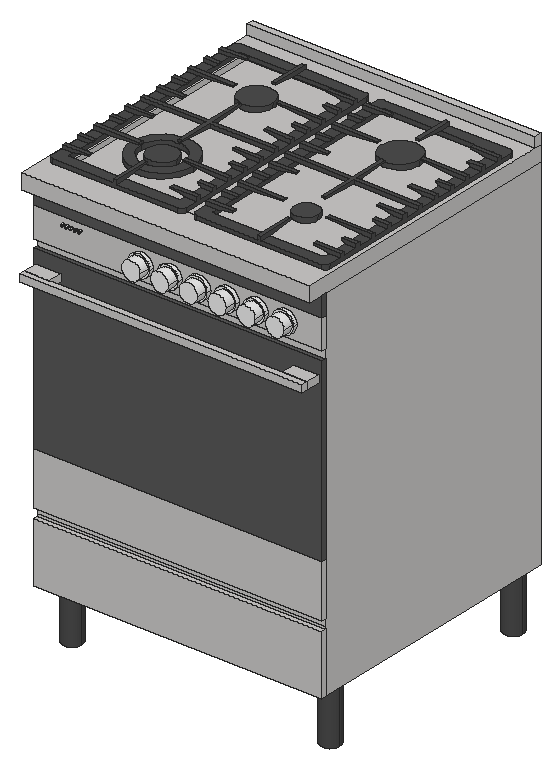
Revit family "RC-Freestanding Oven 4 burner V2012", category Specialty Equipment, Revit 2012
Parameters
  Width = 600 mm
  Trivet Width = (Width / 2) - 20 mm  # 280 mm
  Trivet Depth = Depth - 110 mm  # 490 mm
  Plynth Height = 120 mm
  Height = 904 mm
  Finish = Stainless Steel - Brushed
  Depth = 600 mm
Reference planes
  plane 1 "Center (Front/Back)": y = 0
  plane 2: z = 0
  plane 3 "Center (Left/Right)": x = 0
  plane 4: x = 300
  plane 5: x = -300
  plane 6: y = 300
  plane 7: y = -300
  plane 8: x = -150
  plane 9: x = 150
  plane 10: x = 225
  plane 11: z = 120
  plane 12: z = 904
  plane 13: z = 799
  plane 14: z = 894
  plane 15: z = 830
  plane 16: z = 768
  plane 17: z = 872
  plane 18: y = -270
  plane 19: y = -260
  plane 20: z = 816
Forms (mm)
  Extrusion 1, solid, material "Metal - Coated Black"
    sketch origin (177.875, 476.024, 0) x (1, 0, 0) y (0, 1, 0)
      loop
        circle (-446.93, -207.618) r 20
      loop
        circle (91.181, -207.618) r 20
      loop
        circle (91.181, -684.43) r 20
      loop
        circle (-446.93, -684.43) r 20
    from 0 to 120
  Extrusion 2, solid, material "Stainless Steel - Brushed" <- "Finish"
    sketch origin (202.514, 476.024, 303.741) x (1, 0, 0) y (0, 1, 0)
      loop
        line (-502.514, -176.024) -> (-502.514, -776.024) -> (97.486, -776.024) -> (97.486, -176.024) -> (-502.514, -176.024)
    from 568.259 to 600.259
  Extrusion 3, solid, material "Stainless Steel - Brushed" <- "Finish"
    sketch origin (38.216, 476.024, 196.596) x (1, 0, 0) y (0, 1, 0)
      loop
        line (-338.216, -736.024) -> (-338.216, -746.024) -> (261.784, -746.024) -> (261.784, -736.024) -> (-338.216, -736.024)
    from -76.596 to 48.404
  Extrusion 4, solid, material "Stainless Steel - Brushed" <- "Finish"
    sketch origin (-151.875, 476.024, 447.106) x (1, 0, 0) y (0, 1, 0)
      loop
        line (-148.125, -736.024) -> (-148.125, -746.024) -> (451.875, -746.024) -> (451.875, -736.024) -> (-148.125, -736.024)
    from -182.106 to -72.106
  Extrusion 5, solid, material "Glass - Tinted Black"
    sketch origin (-105.253, 476.024, 728.623) x (1, 0, 0) y (0, 1, 0)
      loop
        line (-194.747, -736.024) -> (-194.747, -746.024) -> (405.253, -746.024) -> (405.253, -736.024) -> (-194.747, -736.024)
    from -353.623 to 21.377
  Extrusion 6, solid, material "Stainless Steel - Brushed" <- "Finish"
    sketch origin (-37.752, 476.024, 918.619) x (1, 0, 0) y (0, 1, 0)
      loop
        line (-262.248, -736.024) -> (-262.248, -746.024) -> (337.752, -746.024) -> (337.752, -736.024) -> (-262.248, -736.024)
    from -150.619 to -88.619
  Extrusion 7, solid, material "Stainless Steel - Brushed" <- "Finish"
    sketch origin (0, 476.024, 0) x (0, 1, 0) y (0, 0, 1)
      loop
        line (-736.024, 120) -> (-176.024, 120) -> (-176.024, 872) -> (-736.024, 872) -> (-736.024, 250) -> (-736.024, 120)
    from -300 to 300
  Extrusion 8, solid, material "Stainless Steel - Brushed" <- "Finish"
    sketch origin (0, 476.024, 0) x (0, 1, 0) y (0, 0, 1)
      loop
        line (-176.024, 925) -> (-191.024, 925) -> (-191.024, 904) -> (-176.024, 904) -> (-176.024, 925)
    from -300 to 300
  Extrusion 9, solid, material "Plastic - White"
    sketch origin (840.655, 0, -15.687) x (1, 0, 0) y (0, 0, 1)
      loop
        circle (-615.655, 814.687) r 23
      loop
        circle (-675.655, 814.687) r 23
      loop
        circle (-735.655, 814.687) r 23
      loop
        circle (-795.655, 814.687) r 23
      loop
        circle (-855.655, 814.687) r 23
      loop
        circle (-915.655, 814.687) r 23
    from 270 to 278
  Extrusion 10, solid, material "Plastic - White"
    sketch origin (840.655, 0, -15.687) x (1, 0, 0) y (0, 0, 1)
      loop
        circle (-615.655, 814.687) r 19
      loop
        circle (-675.655, 814.687) r 19
      loop
        circle (-735.655, 814.687) r 19
      loop
        circle (-795.655, 814.687) r 19
      loop
        circle (-855.655, 814.687) r 19
      loop
        circle (-915.655, 814.687) r 19
    from 278 to 298
  Extrusion 11, solid, material "Plastic - White"
    sketch origin (177.875, 0, 0) x (1, 0, 0) y (0, 0, 1)
      loop
        circle (-415.875, 816) r 2
      loop
        circle (-406.875, 816) r 2
      loop
        circle (-397.875, 816) r 2
      loop
        circle (-388.875, 816) r 2
      loop
        circle (-379.875, 816) r 2
    from 270 to 275
  Extrusion 12, void
    sketch origin (177.875, 476.024, 0) x (1, 0, 0) y (0, 1, 0)
      loop
        line (-439.375, -711.024) -> (83.625, -711.024) -> (83.625, -241.024) -> (-439.375, -241.024) -> (-439.375, -711.024)
    from 894 to 904
  Extrusion 13, solid, material "Cast Iron"
    sketch origin (177.875, 476.024, 0) x (1, 0, 0) y (0, 1, 0)
      loop
        circle (-27.875, -353.524) r 40
      loop
        circle (-27.875, -598.524) r 25
      loop
        circle (-327.875, -353.524) r 35
      loop
        circle (-327.875, -598.524) r 30
      loop
        circle (-327.875, -598.524) r 45
      loop
        circle (-327.875, -598.524) r 65
    from 894 to 913.959
  Extrusion 14, solid, material "Stainless Steel - Brushed" <- "Finish"
    sketch origin (177.875, 0, 0) x (1, 0, 0) y (0, 0, 1)
      loop
        line (-471.875, 722.315) -> (-471.875, 707.315) -> (116.125, 707.315) -> (116.125, 722.315) -> (-471.875, 722.315)
    from 300 to 313
  Extrusion 15, solid, material "Stainless Steel - Brushed" <- "Finish"
    sketch origin (177.875, 0, 0) x (1, 0, 0) y (0, 0, 1)
      loop
        line (-471.875, 722.315) -> (-471.875, 707.315) -> (-421.875, 707.315) -> (-421.875, 722.315) -> (-471.875, 722.315)
      loop
        line (116.125, 722.315) -> (66.125, 722.315) -> (66.125, 707.315) -> (116.125, 707.315) -> (116.125, 722.315)
    from 270 to 300
  Extrusion 16, solid, material "Glass - Tinted Black"
    sketch origin (-37.752, 476.024, 998.619) x (1, 0, 0) y (0, 1, 0)
      loop
        line (-262.248, -736.024) -> (-262.248, -746.024) -> (337.752, -746.024) -> (337.752, -736.024) -> (-262.248, -736.024)
    from -168.619 to -126.619
Cuts and joins
  Extrusion 12 cuts Extrusion 2
  Extrusion 12 cuts Extrusion 13
Dimensions and locks
  "Width": plane 5 to plane 4
  equal spacing: plane 6, plane 1 "Center (Front/Back)", plane 7
  "Depth": plane 7 to plane 6
  equal spacing: plane 5, plane 8, plane 3 "Center (Left/Right)", plane 9, plane 4
  locked: plane 4 to plane 10 at 75
  Extrusion 11 sketch curve to Extrusion 11 sketch curve to Extrusion 11 sketch curve to Extrusion 11 sketch curve to Extrusion 11 sketch curve to plane 5 = 9 mm locked, 9 mm locked, 9 mm locked, 9 mm locked, 62 mm locked
  "Plynth Height": plane 11 to plane 2
  "Height": plane 12 to plane 2
  locked: plane 12 to plane 14 at 10
  Extrusion 5 to Extrusion 4 to Extrusion 3 to plane 11 = 110 mm locked, 20 mm locked, 125 mm locked
  locked: cut or joined group of Extrusion 12, Extrusion 13 to plane 14 at 19.959
  plane 12 to plane 17 to plane 15 = 32 mm locked, 42 mm locked
  plane 15 to plane 13 to plane 16 = 31 mm locked, 31 mm locked
  plane 16 to Extrusion 5 to Extrusion 14 to Extrusion 14 = 18 mm locked, 27.685 mm locked, 15 mm locked
  plane 19 to plane 18 to plane 7 = 10 mm locked, 30 mm locked
  Extrusion 9 sketch curve to Extrusion 9 sketch curve to Extrusion 9 sketch curve to Extrusion 9 sketch curve to Extrusion 9 sketch curve to Extrusion 9 sketch curve = 60 mm locked, 60 mm locked, 60 mm locked, 60 mm locked, 60 mm locked
  Extrusion 10 sketch curve to Extrusion 10 sketch curve to Extrusion 10 sketch curve to Extrusion 10 sketch curve to Extrusion 10 sketch curve to Extrusion 10 sketch curve = 60 mm locked, 60 mm locked, 60 mm locked, 60 mm locked, 60 mm locked
  locked: plane 15 to plane 20 at 14
  plane 18 to Extrusion 9 to Extrusion 10 = 8 mm locked, 20 mm locked
  locked: plane 18 to Extrusion 11 at 5
  locked: plane 7 to Extrusion 14 at 13
  aligned and locked: Extrusion 2 to Extrusion 8
  aligned and locked: Extrusion 14 to Extrusion 15  (x3)
  aligned and locked: Extrusion 15 to Extrusion 5
  aligned and locked: Extrusion 7 to plane 5
  aligned and locked: Extrusion 8 to plane 5
  aligned and locked: plane 4 to Extrusion 7
  aligned and locked: plane 4 to Extrusion 8
  aligned and locked: plane 8 to Extrusion 13 sketch curve  (x4)
  aligned and locked: plane 9 to Extrusion 13 sketch curve  (x2)
  aligned and locked: nested 1 to plane 1 "Center (Front/Back)"
  aligned and locked: nested 2 to plane 1 "Center (Front/Back)"
  aligned and locked: plane 10 to Extrusion 10 sketch curve
  aligned and locked: plane 10 to Extrusion 9 sketch curve
  aligned and locked: cut or joined group of Extrusion 2, Extrusion 12 to plane 12  (x2)
  aligned and locked: plane 13 to Extrusion 10 sketch curve  (x6)
  aligned and locked: plane 13 to Extrusion 9 sketch curve  (x6)
  aligned and locked: Extrusion 15 to Extrusion 14  (x2)
  aligned and locked: Extrusion 7 to cut or joined group of Extrusion 2, Extrusion 12
  aligned and locked: plane 14 to cut or joined group of Extrusion 2, Extrusion 12
  aligned and locked: plane 14 to cut or joined group of Extrusion 12, Extrusion 13
  aligned and locked: plane 16 to Extrusion 6
  aligned and locked: plane 17 to cut or joined group of Extrusion 2, Extrusion 12
  aligned and locked: plane 19 to Extrusion 7
  aligned and locked: Extrusion 16 to plane 19
  aligned and locked: Extrusion 6 to plane 19
  aligned and locked: Extrusion 5 to plane 19
  aligned and locked: Extrusion 4 to plane 19
  aligned and locked: Extrusion 3 to plane 19
  aligned and locked: plane 18 to Extrusion 16
  aligned and locked: plane 18 to Extrusion 6
  aligned and locked: plane 18 to Extrusion 5
  aligned and locked: plane 18 to Extrusion 4
  aligned and locked: plane 18 to Extrusion 3
  aligned and locked: Extrusion 7 to plane 17
  aligned and locked: Extrusion 16 to plane 17
  aligned and locked: plane 15 to Extrusion 16
  aligned and locked: Extrusion 6 to plane 15
  aligned and locked: Extrusion 6 to plane 16
  aligned and locked: Extrusion 11 sketch curve to plane 20  (x5)
  aligned and locked: plane 12 to nested 1
  aligned and locked: plane 12 to nested 2
  aligned and locked: Extrusion 4 to Extrusion 5
  aligned and locked: plane 11 to Extrusion 7
  aligned and locked: Extrusion 1 to plane 11
  aligned and locked: plane 11 to Extrusion 3
  aligned and locked: plane 7 to Extrusion 15
  aligned and locked: Extrusion 9 to plane 18
  aligned and locked: Extrusion 10 to Extrusion 9
  aligned and locked: Extrusion 11 to plane 18
  aligned and locked: nested 1 to Extrusion 13 sketch curve  (x3)
  aligned and locked: nested 1 to plane 8
  aligned and locked: nested 2 to plane 9
Automatic sketch dimensions
  plane 5 to Extrusion 1 sketch curve = 30.944 mm  (x2)
  Extrusion 1 sketch curve to plane 4 = 30.944 mm  (x2)
  Extrusion 1 sketch curve to plane 7 = 91.594 mm  (x2)
  Extrusion 1 sketch curve to plane 6 = 31.594 mm  (x2)
  Extrusion 2 sketch curve to plane 5 = 0 mm
  Extrusion 2 sketch curve to plane 4 = 0 mm
  plane 7 to Extrusion 2 sketch curve = 0 mm
  Extrusion 2 sketch curve to plane 6 = 0 mm
  Extrusion 3 sketch curve to plane 5 = 0 mm
  Extrusion 3 sketch curve to plane 4 = 0 mm
  Extrusion 3 sketch curve to plane 7 = 30 mm
  Extrusion 3 sketch curve to Extrusion 3 sketch curve = 10 mm
  Extrusion 4 sketch curve to plane 5 = 0 mm
  Extrusion 4 sketch curve to plane 4 = 0 mm
  Extrusion 4 sketch curve to plane 7 = 30 mm
  Extrusion 4 sketch curve to Extrusion 4 sketch curve = 10 mm
  Extrusion 5 sketch curve to plane 5 = 0 mm
  Extrusion 5 sketch curve to plane 4 = 0 mm
  Extrusion 5 sketch curve to plane 7 = 30 mm
  Extrusion 5 sketch curve to Extrusion 5 sketch curve = 10 mm
  Extrusion 6 sketch curve to plane 5 = 0 mm
  Extrusion 6 sketch curve to plane 4 = 0 mm
  Extrusion 6 sketch curve to plane 7 = 30 mm
  Extrusion 6 sketch curve to Extrusion 6 sketch curve = 10 mm
  Extrusion 7 sketch curve to plane 6 = 0 mm
  Extrusion 7 sketch curve to plane 7 = 40 mm  (x2)
  level to Extrusion 7 sketch curve = 120 mm
  Extrusion 7 sketch curve to Extrusion 7 sketch curve = 130 mm
  Extrusion 7 sketch curve to Extrusion 7 sketch curve = 0 mm
  Extrusion 7 sketch curve to Extrusion 7 sketch curve = 752 mm
  Extrusion 8 sketch curve to plane 6 = 0 mm
  Extrusion 8 sketch curve to plane 6 = 15 mm
  level to Extrusion 8 sketch curve = 904 mm
  Extrusion 8 sketch curve to Extrusion 8 sketch curve = 21 mm
  plane 5 to Extrusion 12 sketch curve = 38.5 mm
  plane 10 to Extrusion 12 sketch curve = 36.5 mm
  Extrusion 12 sketch curve to plane 7 = 65 mm
  Extrusion 12 sketch curve to plane 6 = 65 mm
  plane 5 to Extrusion 14 sketch curve = 6 mm
  Extrusion 14 sketch curve to plane 4 = 6 mm
  level to Extrusion 14 sketch curve = 707.315 mm
  Extrusion 14 sketch curve to Extrusion 14 sketch curve = 15 mm
  plane 5 to Extrusion 15 sketch curve = 6 mm
  Extrusion 15 sketch curve to Extrusion 15 sketch curve = 50 mm
  plane 10 to Extrusion 15 sketch curve = 19 mm
  Extrusion 15 sketch curve to plane 4 = 6 mm
  level to Extrusion 15 sketch curve = 707.315 mm  (x2)
  Extrusion 15 sketch curve to Extrusion 15 sketch curve = 15 mm  (x2)
  Extrusion 16 sketch curve to plane 5 = 0 mm
  Extrusion 16 sketch curve to plane 4 = 0 mm
  Extrusion 16 sketch curve to plane 7 = 30 mm
  Extrusion 16 sketch curve to Extrusion 16 sketch curve = 10 mm
  plane 1 "Center (Front/Back)" to Extrusion 13 sketch curve = 122.5 mm
  Extrusion 13 sketch curve to plane 1 "Center (Front/Back)" = 122.5 mm  (x2)
  radius of Extrusion 1 sketch curve = 20 mm  (x4)
  radius of Extrusion 11 sketch curve = 2 mm  (x5)
  radius of Extrusion 9 sketch curve = 23 mm  (x6)
  radius of Extrusion 10 sketch curve = 19 mm  (x6)
  radius of Extrusion 13 sketch curve = 40 mm
  radius of Extrusion 13 sketch curve = 25 mm
  radius of Extrusion 13 sketch curve = 35 mm
  radius of Extrusion 13 sketch curve = 30 mm
  radius of Extrusion 13 sketch curve = 45 mm
  radius of Extrusion 13 sketch curve = 65 mm
Nested families
  nested 1: "Trivet-double" at (-150, 0, 904) x (0, 1, 0) z (0, 0, 1), type "Trivet"
  nested 2: "Trivet-double" at (150, 0, 904) x (0, 1, 0) z (0, 0, 1), type "Trivet"
Definition of nested family "Trivet-double"
  Parameters (values of type "Trivet")
    Width = 280 mm
    Trivet = Cast Iron
    Length = 490 mm
    Assembly Code = ""
  Reference planes
    plane 1: z = 0
    plane 2 "Center (Left/Right)": x = 0
    plane 3: y = 0
    plane 4: x = -245
    plane 5: x = 245
    plane 6: y = -140
    plane 7: y = 140
    plane 8: x = -204.167
    plane 9: x = -163.333
    plane 10: x = -122.5
    plane 11: x = -81.667
    plane 12: x = -40.833
    plane 13: x = 40.833
    plane 14: x = 81.667
    plane 15: x = 122.5
    plane 16: x = 163.333
    plane 17: x = 204.167
    plane 18: z = 8
    plane 19: z = 16
  Forms (mm)
    Extrusion 1, solid, material "Cast Iron" <- "Trivet"
      sketch origin (0, 0, 0) x (1, 0, 0) y (0, 1, 0)
        loop
          arc (-235, 140) -> (-242.071, 137.071) -> (-245, 130) r 10
          line (-245, 130) -> (-245, -130)
          arc (-245, -130) -> (-242.071, -137.071) -> (-235, -140) r 10
          line (-235, -140) -> (235, -140)
          arc (235, -140) -> (242.071, -137.071) -> (245, -130) r 10
          line (245, -130) -> (245, 130)
          arc (245, 130) -> (242.071, 137.071) -> (235, 140) r 10
          line (235, 140) -> (-235, 140)
        loop
          line (-217, -117) -> (217, -117)
          arc (217, -117) -> (220.536, -115.536) -> (222, -112) r 5
          line (222, -112) -> (222, 112)
          arc (222, 112) -> (220.536, 115.536) -> (217, 117) r 5
          line (217, 117) -> (-217, 117)
          arc (-217, 117) -> (-220.536, 115.536) -> (-222, 112) r 5
          line (-222, 112) -> (-222, -112)
          arc (-222, -112) -> (-220.536, -115.536) -> (-217, -117) r 5
      from 0 to 8
    Extrusion 2, solid, material "Cast Iron" <- "Trivet"
      sketch origin (0, 0, 0) x (0, 1, 0) y (0, 0, 1)
        loop
          line (140, 8) -> (140, 16) -> (-140, 16) -> (-140, 8) -> (-117, 8)
          arc (-117, 8) -> (0, 8.512) -> (117, 8) r 13362.741
          line (117, 8) -> (140, 8)
      from -4 to 4
    Extrusion 3, solid, material "Cast Iron" <- "Trivet"
      sketch origin (-204.167, 0, 0) x (0, 1, 0) y (0, 0, 1)
        loop
          line (140, 8) -> (140, 16) -> (85, 16)
          arc (85, 16) -> (84.8, 14.75) -> (85, 13.5) r 4.007
          arc (85, 13.5) -> (101.186, 11.831) -> (117, 8) r 120.722
          line (117, 8) -> (140, 8)
      from -4 to 4
    Extrusion 4, solid, material "Cast Iron" <- "Trivet"
      sketch origin (-81.667, 0, 0) x (0, 1, 0) y (0, 0, -1)
        loop
          line (140, -8) -> (117, -8)
          arc (117, -8) -> (113.793, -11.122) -> (110, -13.5) r 21.161
          arc (110, -13.5) -> (109.8, -14.75) -> (110, -16) r 4.007
          line (110, -16) -> (140, -16) -> (140, -8)
      from -4 to 4
    Extrusion 5, solid, material "Cast Iron" <- "Trivet"
      sketch origin (-122.5, 0, 0) x (0, 1, 0) y (0, 0, 1)
        loop
          line (140, 8) -> (140, 16) -> (45, 16)
          arc (45, 16) -> (44.8, 14.75) -> (45, 13.5) r 4.007
          arc (45, 13.5) -> (81.099, 12.046) -> (117, 8) r 502.001
          line (117, 8) -> (140, 8)
      from -4 to 4
    Extrusion 6, solid, material "Cast Iron" <- "Trivet"
      sketch origin (-163.333, 0, 0) x (0, 1, 0) y (0, 0, 1)
        loop
          line (140, 8) -> (140, 16) -> (110, 16)
          arc (110, 16) -> (109.8, 14.75) -> (110, 13.5) r 4.007
          arc (110, 13.5) -> (113.793, 11.122) -> (117, 8) r 21.161
          line (117, 8) -> (140, 8)
      from -4 to 4
    Extrusion 7, solid, material "Cast Iron" <- "Trivet"
      sketch origin (-40.833, 0, 0) x (0, 1, 0) y (0, 0, -1)
        loop
          line (140, -8) -> (117, -8)
          arc (117, -8) -> (101.186, -11.831) -> (85, -13.5) r 120.722
          arc (85, -13.5) -> (84.8, -14.75) -> (85, -16) r 4.007
          line (85, -16) -> (140, -16) -> (140, -8)
      from -4 to 4
    Extrusion 8, solid, material "Cast Iron" <- "Trivet"
      sketch origin (204.167, 0, 0) x (0, 1, 0) y (0, 0, -1)
        loop
          line (140, -8) -> (117, -8)
          arc (117, -8) -> (101.186, -11.831) -> (85, -13.5) r 120.722
          arc (85, -13.5) -> (84.8, -14.75) -> (85, -16) r 4.007
          line (85, -16) -> (140, -16) -> (140, -8)
      from -4 to 4
    Extrusion 9, solid, material "Cast Iron" <- "Trivet"
      sketch origin (81.667, 0, 0) x (0, 1, 0) y (0, 0, 1)
        loop
          line (140, 8) -> (140, 16) -> (110, 16)
          arc (110, 16) -> (109.8, 14.75) -> (110, 13.5) r 4.007
          arc (110, 13.5) -> (113.793, 11.122) -> (117, 8) r 21.161
          line (117, 8) -> (140, 8)
      from -4 to 4
    Extrusion 10, solid, material "Cast Iron" <- "Trivet"
      sketch origin (122.5, 0, 0) x (0, 1, 0) y (0, 0, -1)
        loop
          line (140, -8) -> (117, -8)
          arc (117, -8) -> (81.099, -12.046) -> (45, -13.5) r 502.001
          arc (45, -13.5) -> (44.8, -14.75) -> (45, -16) r 4.007
          line (45, -16) -> (140, -16) -> (140, -8)
      from -4 to 4
    Extrusion 11, solid, material "Cast Iron" <- "Trivet"
      sketch origin (163.333, 0, 0) x (0, 1, 0) y (0, 0, -1)
        loop
          line (140, -8) -> (117, -8)
          arc (117, -8) -> (113.793, -11.122) -> (110, -13.5) r 21.161
          arc (110, -13.5) -> (109.8, -14.75) -> (110, -16) r 4.007
          line (110, -16) -> (140, -16) -> (140, -8)
      from -4 to 4
    Extrusion 12, solid, material "Cast Iron" <- "Trivet"
      sketch origin (40.833, 0, 0) x (0, 1, 0) y (0, 0, 1)
        loop
          line (140, 8) -> (140, 16) -> (85, 16)
          arc (85, 16) -> (84.8, 14.75) -> (85, 13.5) r 4.007
          arc (85, 13.5) -> (101.186, 11.831) -> (117, 8) r 120.722
          line (117, 8) -> (140, 8)
      from -4 to 4
    Extrusion 13, solid, material "Cast Iron" <- "Trivet"
      sketch origin (-204.167, 0, 0) x (0, -1, 0) y (0, 0, -1)
        loop
          line (140, -8) -> (117, -8)
          arc (117, -8) -> (101.186, -11.831) -> (85, -13.5) r 120.722
          arc (85, -13.5) -> (84.8, -14.75) -> (85, -16) r 4.007
          line (85, -16) -> (140, -16) -> (140, -8)
      from -4 to 4
    Extrusion 14, solid, material "Cast Iron" <- "Trivet"
      sketch origin (-81.667, 0, 0) x (0, -1, 0) y (0, 0, 1)
        loop
          line (140, 8) -> (140, 16) -> (110, 16)
          arc (110, 16) -> (109.8, 14.75) -> (110, 13.5) r 4.007
          arc (110, 13.5) -> (113.793, 11.122) -> (117, 8) r 21.161
          line (117, 8) -> (140, 8)
      from -4 to 4
    Extrusion 15, solid, material "Cast Iron" <- "Trivet"
      sketch origin (-122.5, 0, 0) x (0, -1, 0) y (0, 0, -1)
        loop
          line (140, -8) -> (117, -8)
          arc (117, -8) -> (81.099, -12.046) -> (45, -13.5) r 502.001
          arc (45, -13.5) -> (44.8, -14.75) -> (45, -16) r 4.007
          line (45, -16) -> (140, -16) -> (140, -8)
      from -4 to 4
    Extrusion 16, solid, material "Cast Iron" <- "Trivet"
      sketch origin (-163.333, 0, 0) x (0, -1, 0) y (0, 0, -1)
        loop
          line (140, -8) -> (117, -8)
          arc (117, -8) -> (113.793, -11.122) -> (110, -13.5) r 21.161
          arc (110, -13.5) -> (109.8, -14.75) -> (110, -16) r 4.007
          line (110, -16) -> (140, -16) -> (140, -8)
      from -4 to 4
    Extrusion 17, solid, material "Cast Iron" <- "Trivet"
      sketch origin (-40.833, 0, 0) x (0, -1, 0) y (0, 0, 1)
        loop
          line (140, 8) -> (140, 16) -> (85, 16)
          arc (85, 16) -> (84.8, 14.75) -> (85, 13.5) r 4.007
          arc (85, 13.5) -> (101.186, 11.831) -> (117, 8) r 120.722
          line (117, 8) -> (140, 8)
      from -4 to 4
    Extrusion 18, solid, material "Cast Iron" <- "Trivet"
      sketch origin (204.167, 0, 0) x (0, -1, 0) y (0, 0, 1)
        loop
          line (140, 8) -> (140, 16) -> (85, 16)
          arc (85, 16) -> (84.8, 14.75) -> (85, 13.5) r 4.007
          arc (85, 13.5) -> (101.186, 11.831) -> (117, 8) r 120.722
          line (117, 8) -> (140, 8)
      from -4 to 4
    Extrusion 19, solid, material "Cast Iron" <- "Trivet"
      sketch origin (81.667, 0, 0) x (0, -1, 0) y (0, 0, -1)
        loop
          line (140, -8) -> (117, -8)
          arc (117, -8) -> (113.793, -11.122) -> (110, -13.5) r 21.161
          arc (110, -13.5) -> (109.8, -14.75) -> (110, -16) r 4.007
          line (110, -16) -> (140, -16) -> (140, -8)
      from -4 to 4
    Extrusion 20, solid, material "Cast Iron" <- "Trivet"
      sketch origin (122.5, 0, 0) x (0, -1, 0) y (0, 0, 1)
        loop
          line (140, 8) -> (140, 16) -> (45, 16)
          arc (45, 16) -> (44.8, 14.75) -> (45, 13.5) r 4.007
          arc (45, 13.5) -> (81.099, 12.046) -> (117, 8) r 502.001
          line (117, 8) -> (140, 8)
      from -4 to 4
    Extrusion 21, solid, material "Cast Iron" <- "Trivet"
      sketch origin (163.333, 0, 0) x (0, -1, 0) y (0, 0, 1)
        loop
          line (140, 8) -> (140, 16) -> (110, 16)
          arc (110, 16) -> (109.8, 14.75) -> (110, 13.5) r 4.007
          arc (110, 13.5) -> (113.793, 11.122) -> (117, 8) r 21.161
          line (117, 8) -> (140, 8)
      from -4 to 4
    Extrusion 22, solid, material "Cast Iron" <- "Trivet"
      sketch origin (40.833, 0, 0) x (0, -1, 0) y (0, 0, -1)
        loop
          line (140, -8) -> (117, -8)
          arc (117, -8) -> (101.186, -11.831) -> (85, -13.5) r 120.722
          arc (85, -13.5) -> (84.8, -14.75) -> (85, -16) r 4.007
          line (85, -16) -> (140, -16) -> (140, -8)
      from -4 to 4
    Extrusion 23, solid, material "Cast Iron" <- "Trivet"
      sketch origin (-105, 0, 0) x (-1, 0, 0) y (0, 0, 1)
        loop
          line (140, 8) -> (140, 16) -> (62, 16)
          arc (62, 16) -> (61.8, 14.75) -> (62, 13.5) r 4.007
          arc (62, 13.5) -> (89.55, 11.249) -> (117, 8) r 762.273
          line (117, 8) -> (140, 8)
      from -4 to 4
    Extrusion 24, solid, material "Cast Iron" <- "Trivet"
      sketch origin (-140, 0, 0) x (1, 0, 0) y (0, 0, -1)
        loop
          arc (136, -8) -> (99.047, -11.378) -> (62, -13.5) r 1093.979
          arc (62, -13.5) -> (61.8, -14.75) -> (62, -16) r 4.007
          line (62, -16) -> (136, -16) -> (136, -8)
        loop
          line (144, -8) -> (144, -16) -> (218, -16)
          arc (218, -16) -> (218.2, -14.75) -> (218, -13.5) r 4.007
          arc (218, -13.5) -> (180.953, -11.378) -> (144, -8) r 1093.979
      from -4 to 4
    Extrusion 25, solid, material "Cast Iron" <- "Trivet"
      sketch origin (105, 0, 0) x (1, 0, 0) y (0, 0, -1)
        loop
          line (140, -8) -> (117, -8)
          arc (117, -8) -> (89.55, -11.249) -> (62, -13.5) r 762.273
          arc (62, -13.5) -> (61.8, -14.75) -> (62, -16) r 4.007
          line (62, -16) -> (140, -16) -> (140, -8)
      from -4 to 4
  Cuts and joins
    joined: Extrusion 1, Extrusion 2, Extrusion 3, Extrusion 4, Extrusion 5, Extrusion 6, Extrusion 7, Extrusion 8, Extrusion 9, Extrusion 10, Extrusion 11, Extrusion 12, Extrusion 13, Extrusion 14, Extrusion 15, Extrusion 16, Extrusion 17, Extrusion 18, Extrusion 19, Extrusion 20, Extrusion 21, Extrusion 22, Extrusion 23, Extrusion 24, Extrusion 25
  Dimensions and locks
    equal spacing: plane 4, plane 2 "Center (Left/Right)", plane 5
    "Length": plane 4 to plane 5
    equal spacing: plane 7, plane 3, plane 6
    "Width": plane 7 to plane 6
    equal spacing: plane 4, plane 8, plane 9, plane 10, plane 11, plane 12, plane 2 "Center (Left/Right)"
    equal spacing: plane 2 "Center (Left/Right)", plane 13, plane 14, plane 15, plane 16, plane 17, plane 5
    aligned and locked: plane 6 to Extrusion 1 sketch curve
    aligned and locked: plane 4 to Extrusion 1 sketch curve
    aligned and locked: Extrusion 1 sketch curve to plane 7
    aligned and locked: Extrusion 1 sketch curve to plane 5
    aligned and locked: cut or joined group 1 (Extrusion 1, Extrusion 2, Extrusion 3, Extrusion 4, Extrusion 5, Extrusion 6, Extrusion 7, Extrusion 8, Extrusion 9, Extrusion 10, Extrusion 11, Extrusion 12, Extrusion 13, Extrusion 14, Extrusion 15, Extrusion 16, Extrusion 17, Extrusion 18, Extrusion 19, Extrusion 20, Extrusion 21, Extrusion 22, Extrusion 23, Extrusion 24, Extrusion 25) to plane 1
    aligned and locked: cut or joined group 1 to plane 18  (x12)
    aligned and locked: plane 18 to cut or joined group 1  (x13)
    aligned and locked: cut or joined group 1 to plane 19  (x24)
    aligned and locked: plane 19 to cut or joined group 1  (x2)
  Automatic sketch dimensions
    plane 4 to Extrusion 1 sketch curve = 10 mm  (x2)
    Extrusion 1 sketch curve to plane 8 = 17.833 mm
    Extrusion 1 sketch curve to Extrusion 1 sketch curve = 5 mm  (x3)
    plane 17 to Extrusion 1 sketch curve = 12.833 mm  (x2)
    Extrusion 1 sketch curve to plane 5 = 10 mm
    Extrusion 1 sketch curve to Extrusion 1 sketch curve = 10 mm
    Extrusion 1 sketch curve to Extrusion 1 sketch curve = 13 mm
    Extrusion 1 sketch curve to Extrusion 1 sketch curve = 18 mm
    Extrusion 2 sketch curve to plane 6 = 0 mm
    Extrusion 2 sketch curve to plane 3 = 0 mm
    Extrusion 2 sketch curve to plane 7 = 0 mm
    level to Extrusion 2 sketch curve = 8 mm  (x2)
    Extrusion 2 sketch curve to Extrusion 2 sketch curve = 23 mm
    Extrusion 2 sketch curve to level = 13354.228 mm
    Extrusion 2 sketch curve to Extrusion 2 sketch curve = 8 mm
    Extrusion 3 sketch curve to plane 7 = 0 mm
    level to Extrusion 3 sketch curve = 8 mm
    Extrusion 3 sketch curve to plane 7 = 23 mm
    Extrusion 3 sketch curve to Extrusion 3 sketch curve = 28.193 mm
    Extrusion 3 sketch curve to Extrusion 3 sketch curve = 3.807 mm
    Extrusion 3 sketch curve to Extrusion 3 sketch curve = 0 mm
    Extrusion 3 sketch curve to plane 7 = 59.263 mm
    Extrusion 3 sketch curve to level = 107.147 mm
    Extrusion 3 sketch curve to Extrusion 3 sketch curve = 1.25 mm
    Extrusion 4 sketch curve to plane 7 = 0 mm
    level to Extrusion 4 sketch curve = 8 mm
    Extrusion 4 sketch curve to plane 7 = 23 mm
    Extrusion 4 sketch curve to Extrusion 4 sketch curve = 3.193 mm
    Extrusion 4 sketch curve to Extrusion 4 sketch curve = 3.807 mm
    Extrusion 4 sketch curve to Extrusion 4 sketch curve = 0 mm
    Extrusion 4 sketch curve to level = 5.517 mm
    Extrusion 4 sketch curve to Extrusion 4 sketch curve = 16.281 mm
    Extrusion 4 sketch curve to Extrusion 4 sketch curve = 1.25 mm
    Extrusion 5 sketch curve to plane 7 = 0 mm
    level to Extrusion 5 sketch curve = 8 mm
    Extrusion 5 sketch curve to plane 7 = 23 mm
    plane 3 to Extrusion 5 sketch curve = 48.807 mm
    Extrusion 5 sketch curve to Extrusion 5 sketch curve = 3.807 mm
    Extrusion 5 sketch curve to Extrusion 5 sketch curve = 0 mm
    plane 3 to Extrusion 5 sketch curve = 42.863 mm
    Extrusion 5 sketch curve to level = 488.496 mm
    Extrusion 5 sketch curve to Extrusion 5 sketch curve = 1.25 mm
    Extrusion 6 sketch curve to plane 7 = 0 mm
    level to Extrusion 6 sketch curve = 8 mm
    Extrusion 6 sketch curve to plane 7 = 23 mm
    Extrusion 6 sketch curve to Extrusion 6 sketch curve = 3.193 mm
    Extrusion 6 sketch curve to Extrusion 6 sketch curve = 3.807 mm
    Extrusion 6 sketch curve to Extrusion 6 sketch curve = 0 mm
    Extrusion 6 sketch curve to level = 5.517 mm
    Extrusion 6 sketch curve to Extrusion 6 sketch curve = 16.281 mm
    Extrusion 6 sketch curve to Extrusion 6 sketch curve = 1.25 mm
    Extrusion 7 sketch curve to plane 7 = 0 mm
    level to Extrusion 7 sketch curve = 8 mm
    Extrusion 7 sketch curve to plane 7 = 23 mm
    Extrusion 7 sketch curve to Extrusion 7 sketch curve = 28.193 mm
    Extrusion 7 sketch curve to Extrusion 7 sketch curve = 3.807 mm
    Extrusion 7 sketch curve to Extrusion 7 sketch curve = 0 mm
    Extrusion 7 sketch curve to plane 7 = 59.263 mm
    level to Extrusion 7 sketch curve = 13.5 mm
    Extrusion 7 sketch curve to Extrusion 7 sketch curve = 1.25 mm
    Extrusion 8 sketch curve to plane 7 = 0 mm
    level to Extrusion 8 sketch curve = 8 mm
    Extrusion 8 sketch curve to plane 7 = 23 mm
    Extrusion 8 sketch curve to Extrusion 8 sketch curve = 28.193 mm
    Extrusion 8 sketch curve to Extrusion 8 sketch curve = 3.807 mm
    Extrusion 8 sketch curve to Extrusion 8 sketch curve = 0 mm
    Extrusion 8 sketch curve to plane 7 = 59.263 mm
    level to Extrusion 8 sketch curve = 13.5 mm
    Extrusion 8 sketch curve to Extrusion 8 sketch curve = 1.25 mm
    Extrusion 9 sketch curve to plane 7 = 0 mm
    level to Extrusion 9 sketch curve = 8 mm
    Extrusion 9 sketch curve to plane 7 = 23 mm
    Extrusion 9 sketch curve to Extrusion 9 sketch curve = 3.193 mm
    Extrusion 9 sketch curve to Extrusion 9 sketch curve = 3.807 mm
    Extrusion 9 sketch curve to Extrusion 9 sketch curve = 0 mm
    Extrusion 9 sketch curve to level = 5.517 mm
    Extrusion 9 sketch curve to Extrusion 9 sketch curve = 16.281 mm
    Extrusion 9 sketch curve to Extrusion 9 sketch curve = 1.25 mm
    Extrusion 10 sketch curve to plane 7 = 0 mm
    level to Extrusion 10 sketch curve = 8 mm
    Extrusion 10 sketch curve to plane 7 = 23 mm
    plane 3 to Extrusion 10 sketch curve = 48.807 mm
    Extrusion 10 sketch curve to Extrusion 10 sketch curve = 3.807 mm
    Extrusion 10 sketch curve to Extrusion 10 sketch curve = 0 mm
    plane 3 to Extrusion 10 sketch curve = 42.863 mm
    level to Extrusion 10 sketch curve = 13.5 mm
    Extrusion 10 sketch curve to Extrusion 10 sketch curve = 1.25 mm
    Extrusion 11 sketch curve to plane 7 = 0 mm
    level to Extrusion 11 sketch curve = 8 mm
    Extrusion 11 sketch curve to plane 7 = 23 mm
    Extrusion 11 sketch curve to Extrusion 11 sketch curve = 3.193 mm
    Extrusion 11 sketch curve to Extrusion 11 sketch curve = 3.807 mm
    Extrusion 11 sketch curve to Extrusion 11 sketch curve = 0 mm
    Extrusion 11 sketch curve to level = 5.517 mm
    Extrusion 11 sketch curve to Extrusion 11 sketch curve = 16.281 mm
    Extrusion 11 sketch curve to Extrusion 11 sketch curve = 1.25 mm
    Extrusion 12 sketch curve to plane 7 = 0 mm
    level to Extrusion 12 sketch curve = 8 mm
    Extrusion 12 sketch curve to plane 7 = 23 mm
    Extrusion 12 sketch curve to Extrusion 12 sketch curve = 28.193 mm
    Extrusion 12 sketch curve to Extrusion 12 sketch curve = 3.807 mm
    Extrusion 12 sketch curve to Extrusion 12 sketch curve = 0 mm
    Extrusion 12 sketch curve to plane 7 = 59.263 mm
    Extrusion 12 sketch curve to level = 107.147 mm
    Extrusion 12 sketch curve to Extrusion 12 sketch curve = 1.25 mm
    Extrusion 13 sketch curve to plane 6 = 0 mm
    level to Extrusion 13 sketch curve = 8 mm
    plane 6 to Extrusion 13 sketch curve = 23 mm
    Extrusion 13 sketch curve to Extrusion 13 sketch curve = 28.193 mm
    Extrusion 13 sketch curve to Extrusion 13 sketch curve = 3.807 mm
    Extrusion 13 sketch curve to Extrusion 13 sketch curve = 0 mm
    plane 6 to Extrusion 13 sketch curve = 59.263 mm
    level to Extrusion 13 sketch curve = 13.5 mm
    Extrusion 13 sketch curve to Extrusion 13 sketch curve = 1.25 mm
    Extrusion 14 sketch curve to plane 6 = 0 mm
    level to Extrusion 14 sketch curve = 8 mm
    plane 6 to Extrusion 14 sketch curve = 23 mm
    Extrusion 14 sketch curve to Extrusion 14 sketch curve = 3.193 mm
    Extrusion 14 sketch curve to Extrusion 14 sketch curve = 3.807 mm
    Extrusion 14 sketch curve to Extrusion 14 sketch curve = 0 mm
    Extrusion 14 sketch curve to level = 5.517 mm
    Extrusion 14 sketch curve to Extrusion 14 sketch curve = 16.281 mm
    Extrusion 14 sketch curve to Extrusion 14 sketch curve = 1.25 mm
    Extrusion 15 sketch curve to plane 6 = 0 mm
    level to Extrusion 15 sketch curve = 8 mm
    plane 6 to Extrusion 15 sketch curve = 23 mm
    Extrusion 15 sketch curve to plane 3 = 48.807 mm
    Extrusion 15 sketch curve to Extrusion 15 sketch curve = 3.807 mm
    Extrusion 15 sketch curve to Extrusion 15 sketch curve = 0 mm
    Extrusion 15 sketch curve to plane 3 = 42.863 mm
    level to Extrusion 15 sketch curve = 13.5 mm
    Extrusion 15 sketch curve to Extrusion 15 sketch curve = 1.25 mm
    Extrusion 16 sketch curve to plane 6 = 0 mm
    level to Extrusion 16 sketch curve = 8 mm
    plane 6 to Extrusion 16 sketch curve = 23 mm
    Extrusion 16 sketch curve to Extrusion 16 sketch curve = 3.193 mm
    Extrusion 16 sketch curve to Extrusion 16 sketch curve = 3.807 mm
    Extrusion 16 sketch curve to Extrusion 16 sketch curve = 0 mm
    Extrusion 16 sketch curve to level = 5.517 mm
    Extrusion 16 sketch curve to Extrusion 16 sketch curve = 16.281 mm
    Extrusion 16 sketch curve to Extrusion 16 sketch curve = 1.25 mm
    Extrusion 17 sketch curve to plane 6 = 0 mm
    level to Extrusion 17 sketch curve = 8 mm
    plane 6 to Extrusion 17 sketch curve = 23 mm
    Extrusion 17 sketch curve to Extrusion 17 sketch curve = 28.193 mm
    Extrusion 17 sketch curve to Extrusion 17 sketch curve = 3.807 mm
    Extrusion 17 sketch curve to Extrusion 17 sketch curve = 0 mm
    plane 6 to Extrusion 17 sketch curve = 59.263 mm
    Extrusion 17 sketch curve to level = 107.147 mm
    Extrusion 17 sketch curve to Extrusion 17 sketch curve = 1.25 mm
    Extrusion 18 sketch curve to plane 6 = 0 mm
    level to Extrusion 18 sketch curve = 8 mm
    plane 6 to Extrusion 18 sketch curve = 23 mm
    Extrusion 18 sketch curve to Extrusion 18 sketch curve = 28.193 mm
    Extrusion 18 sketch curve to Extrusion 18 sketch curve = 3.807 mm
    Extrusion 18 sketch curve to Extrusion 18 sketch curve = 0 mm
    plane 6 to Extrusion 18 sketch curve = 59.263 mm
    Extrusion 18 sketch curve to level = 107.147 mm
    Extrusion 18 sketch curve to Extrusion 18 sketch curve = 1.25 mm
    Extrusion 19 sketch curve to plane 6 = 0 mm
    level to Extrusion 19 sketch curve = 8 mm
    plane 6 to Extrusion 19 sketch curve = 23 mm
    Extrusion 19 sketch curve to Extrusion 19 sketch curve = 3.193 mm
    Extrusion 19 sketch curve to Extrusion 19 sketch curve = 3.807 mm
    Extrusion 19 sketch curve to Extrusion 19 sketch curve = 0 mm
    Extrusion 19 sketch curve to level = 5.517 mm
    Extrusion 19 sketch curve to Extrusion 19 sketch curve = 16.281 mm
    Extrusion 19 sketch curve to Extrusion 19 sketch curve = 1.25 mm
    Extrusion 20 sketch curve to plane 6 = 0 mm
    level to Extrusion 20 sketch curve = 8 mm
    plane 6 to Extrusion 20 sketch curve = 23 mm
    Extrusion 20 sketch curve to plane 3 = 48.807 mm
    Extrusion 20 sketch curve to Extrusion 20 sketch curve = 3.807 mm
    Extrusion 20 sketch curve to Extrusion 20 sketch curve = 0 mm
    Extrusion 20 sketch curve to plane 3 = 42.863 mm
    Extrusion 20 sketch curve to level = 488.496 mm
    Extrusion 20 sketch curve to Extrusion 20 sketch curve = 1.25 mm
    Extrusion 21 sketch curve to plane 6 = 0 mm
    level to Extrusion 21 sketch curve = 8 mm
    plane 6 to Extrusion 21 sketch curve = 23 mm
    Extrusion 21 sketch curve to Extrusion 21 sketch curve = 3.193 mm
    Extrusion 21 sketch curve to Extrusion 21 sketch curve = 3.807 mm
    Extrusion 21 sketch curve to Extrusion 21 sketch curve = 0 mm
    Extrusion 21 sketch curve to level = 5.517 mm
    Extrusion 21 sketch curve to Extrusion 21 sketch curve = 16.281 mm
    Extrusion 21 sketch curve to Extrusion 21 sketch curve = 1.25 mm
    Extrusion 22 sketch curve to plane 6 = 0 mm
    level to Extrusion 22 sketch curve = 8 mm
    plane 6 to Extrusion 22 sketch curve = 23 mm
    Extrusion 22 sketch curve to Extrusion 22 sketch curve = 28.193 mm
    Extrusion 22 sketch curve to Extrusion 22 sketch curve = 3.807 mm
    Extrusion 22 sketch curve to Extrusion 22 sketch curve = 0 mm
    plane 6 to Extrusion 22 sketch curve = 59.263 mm
    level to Extrusion 22 sketch curve = 13.5 mm
    Extrusion 22 sketch curve to Extrusion 22 sketch curve = 1.25 mm
    Extrusion 23 sketch curve to plane 4 = 0 mm
    level to Extrusion 23 sketch curve = 8 mm
    Extrusion 23 sketch curve to plane 8 = 17.833 mm
    Extrusion 23 sketch curve to plane 9 = 7.474 mm
    Extrusion 23 sketch curve to plane 9 = 3.667 mm
    Extrusion 23 sketch curve to Extrusion 23 sketch curve = 0 mm
    plane 10 to Extrusion 23 sketch curve = 3.799 mm
    Extrusion 23 sketch curve to level = 747.241 mm
    Extrusion 23 sketch curve to Extrusion 23 sketch curve = 1.25 mm
    plane 10 to Extrusion 24 sketch curve = 0.461 mm
    plane 11 to Extrusion 24 sketch curve = 3.667 mm
    Extrusion 24 sketch curve to Extrusion 24 sketch curve = 0 mm  (x3)
    Extrusion 24 sketch curve to Extrusion 24 sketch curve = 3.807 mm
    Extrusion 24 sketch curve to plane 2 "Center (Left/Right)" = 4 mm
    plane 2 "Center (Left/Right)" to Extrusion 24 sketch curve = 4 mm
    Extrusion 24 sketch curve to plane 14 = 7.474 mm
    Extrusion 24 sketch curve to plane 14 = 3.667 mm
    Extrusion 24 sketch curve to plane 15 = 0.461 mm
    level to Extrusion 24 sketch curve = 16 mm
    Extrusion 24 sketch curve to Extrusion 24 sketch curve = 1.25 mm  (x2)
    Extrusion 24 sketch curve to Extrusion 24 sketch curve = 8 mm  (x2)
    Extrusion 25 sketch curve to plane 5 = 0 mm
    level to Extrusion 25 sketch curve = 8 mm
    plane 17 to Extrusion 25 sketch curve = 17.833 mm
    plane 16 to Extrusion 25 sketch curve = 7.474 mm
    plane 16 to Extrusion 25 sketch curve = 3.667 mm
    Extrusion 25 sketch curve to Extrusion 25 sketch curve = 0 mm
    Extrusion 25 sketch curve to plane 15 = 3.799 mm
    level to Extrusion 25 sketch curve = 13.5 mm
    Extrusion 25 sketch curve to Extrusion 25 sketch curve = 1.25 mm
